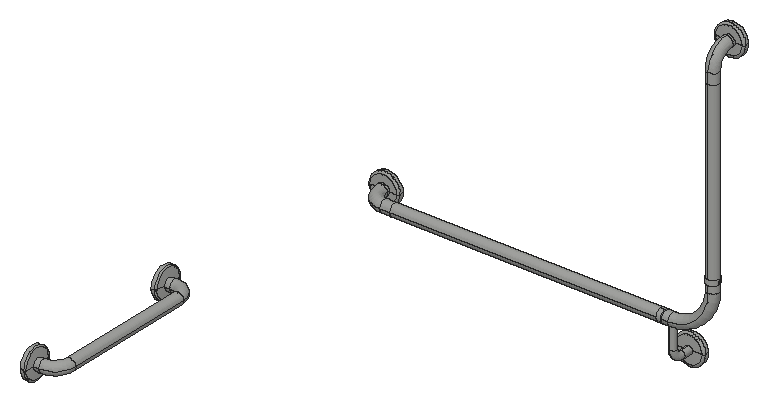
Revit family "RBA4806-345", category Plumbing Fixtures, Revit 2021
Family settings
  Round Connector Dimension = Use Diameter
  Part Type = Normal
  Work Plane-Based = No
  Always vertical = No
  Cut with Voids When Loaded = No
  Shared = No
  Room Calculation Point = No
Parameters
  Watermarked By = "www.rba.com.au"
  URL = "rba.com.au/product-category/accessible-disabled/grab-rails/"
  Phone Number = "1300 788 778"
  OFFSET = 800.00 mm
  Model = "RBA4806-345"
  Materials and Finishes = PVD Gunmetal Stainless Steel
  Manufacturer Model = ""
  Manufacturer = "RBA Group"
  Distance Away from Wall [instance] = 100.00 mm
  Distance Away from Toilet [instance] = 1090.00 mm
  Description = "LH Accessible Rail + 450mm Straight Kit | Gunmetal"
  Default Elevation = 0.00 mm
  Copyrighted by = "RBA Group"  # constant formula
  Assembly Code = ""
Reference planes
  plane 1 "Center (Front/Back)": y = 0
  plane 2: z = 0
  plane 3: x = 40.5
  plane 4: z = 800
  plane 5: z = 1500
  plane 6: x = -59.5
  plane 7: z = 700
  plane 8: x = -909.5
  plane 9: x = -1009.5
  plane 10: y = -54
  plane 11: y = -86
  plane 12: y = -1090
  plane 13: y = -1074
  plane 14: x = -954.5
  plane 15: x = -922.5
  plane 16: z = 816
  plane 17: x = 24.5
Dimensions and locks
  "OFFSET": plane 4 to plane 2
  plane 10 to plane 1 "Center (Front/Back)" = 54.00 mm
  plane 1 "Center (Front/Back)" to plane 11 = 86.00 mm
  "Distance Away from Wall": plane 9 to plane 8
  locked: plane 13 to plane 12 at 16
  "Distance Away from Toilet": plane 1 "Center (Front/Back)" to plane 12
Nested families
  nested 1: "RBA4806-901" at (-933, 0, 800), type "RBA4806-901"
  nested 2: "RBA4806-Straight-Series" at (-1009.5, -1074, 800) x (0, 1, 0) z (0, 0, 1), type "RBA4806-045"
Definition of nested family "RBA4806-901"
  Parameters (values of type "RBA4806-901")
    Watermarked By = "www.rba.com.au"
    URL = "www.rba.com.au"
    R_Void [instance] = 15.00 mm
    R [instance] = 0.00 mm
    Phone Number = ""
    Modified Issue = ""
    Model = "RBA4806-901"
    Materials and Finishes = none
    Manufacturer Model = "B819436"
    Manufacturer = "RBA Group"
    Description = "RTA Brushed Gunmetal Left Hand Single Wall 90° Rail"
    Default Elevation = 0.00 mm
    Copyrighted by = "RBA Group"  # constant formula
    Assembly Code = ""
  Reference planes
    plane 1 "Center (Front/Back)": y = 0
    plane 2: z = 0
    plane 3: x = 40.5
    plane 4: z = -30
    plane 5: z = 30
    plane 6: x = 70.5
    plane 7: x = 10.5
    plane 8: x = 990.5
    plane 9: x = 515.5
    plane 10: z = 670
    plane 11: z = 730
    plane 12: x = 960.5
    plane 13: x = 1020.5
    plane 14: z = 700
    plane 15: z = -130
    plane 16: z = -70
    plane 17: x = 910.5
    plane 18: x = 850.5
    plane 19: x = 835.5
    plane 20: z = -100
    plane 21: x = 974.5
    plane 22: z = 16
    plane 23: y = -70
    plane 24: y = -86
    plane 25: y = -54
    plane 26: y = -79.5
    plane 27: y = -60.5
  Forms (mm)
    Extrusion 1, solid, material <- "Materials and Finishes"
      sketch origin (40.5, -2.628, 315.907) x (0, 0, -1) y (-1, 0, 0)
        loop
          circle (315.907, 0) r 40
      from -0.219 to 2.628
    Revolve 2, solid, material <- "Materials and Finishes"
      sketch origin (40.5, 18.663, 0) x (0, -1, 0) y (1, 0, 0)
        loop
          line (18.663, 0) -> (18.663, -41.5) -> (27.844, -41.5)
          arc (27.844, -41.5) -> (31.337, -40.077) -> (32.842, -36.617) r 5
          line (32.842, -36.617) -> (33.701, 0) -> (18.663, 0)
        axis (18.663, 0) -> (33.701, 0)
      angle from 0 to 360
    Extrusion 3, void
      sketch origin (40.5, 34.941, 315.907) x (0, 0, -1) y (-1, 0, 0)
        loop
          circle (315.907, -30) r 5
        loop
          circle (315.907, 30) r 5
      from -37.788 to -30
    Sweep 4, solid, material <- "Materials and Finishes"
      path origin (40.5, 12.454, 0) x (0, -1, 0) y (-1, 0, 0)
        loop
          line (12.454, 0) -> (34.454, 0)
          arc (34.454, 0) -> (68.395, -14.059) -> (82.454, -48) r 48
          line (82.454, -48) -> (82.454, -76)
      profile origin (40.5, -11, 0) x (1, 0, 0) y (0, 0, 1)
        loop
          circle (0, 0) r 16
    Extrusion 5, solid, material <- "Materials and Finishes"
      sketch origin (990.5, -2.628, 1015.907) x (0, 0, -1) y (-1, 0, 0)
        loop
          circle (315.907, 0) r 40
      from -0.219 to 2.628
    Extrusion 6, void
      sketch origin (990.5, 34.941, 1015.907) x (0, 0, -1) y (-1, 0, 0)
        loop
          circle (315.907, 30) r 5
        loop
          circle (315.907, -30) r 5
      from -37.788 to -30
    Sweep 7, solid, material <- "Materials and Finishes"
      path origin (1690.5, 12.454, 700) x (0, -1, 0) y (0, 0, 1)
        loop
          line (12.454, 0) -> (34.454, 0)
          arc (34.454, 0) -> (68.395, -14.059) -> (82.454, -48) r 48
          line (82.454, -48) -> (82.454, -76)
      profile origin (1690.5, -11, 700) x (0, 0, 1) y (-1, 0, 0)
        loop
          circle (0, 700) r 16
    Revolve 8, solid, material <- "Materials and Finishes"
      sketch origin (990.5, 18.663, 700) x (0, -1, 0) y (1, 0, 0)
        loop
          line (18.663, 0) -> (33.701, 0) -> (32.842, 36.617)
          arc (32.842, 36.617) -> (31.337, 40.077) -> (27.844, 41.5) r 5
          line (27.844, 41.5) -> (18.663, 41.5) -> (18.663, 0)
        axis (18.663, 0) -> (33.701, 0)
      angle from 0 to 360
    Sweep 9, solid, material <- "Materials and Finishes"
      path origin (0, 0, 0) x (1, 0, 0) y (0, 0, 1)
        loop
          line (116.5, 0) -> (880.5, 0)
          arc (880.5, 0) -> (958.282, 32.218) -> (990.5, 110) r 110
          line (990.5, 110) -> (990.5, 624)
      profile origin (498.5, 0, 0) x (0, 0, 1) y (0, -1, 0)
        loop
          circle (0, 70) r 16
    Extrusion 10, solid, material <- "Materials and Finishes"
      sketch origin (880.5, -2.628, 215.907) x (0, 0, -1) y (-1, 0, 0)
        loop
          circle (315.907, 0) r 40
      from -0.219 to 2.628
    Revolve 11, solid, material <- "Materials and Finishes"
      sketch origin (880.5, 18.663, -100) x (0, -1, 0) y (1, 0, 0)
        loop
          line (18.663, 0) -> (18.663, -41.5) -> (27.844, -41.5)
          arc (27.844, -41.5) -> (31.337, -40.077) -> (32.842, -36.617) r 5
          line (32.842, -36.617) -> (33.701, 0) -> (18.663, 0)
        axis (18.663, 0) -> (33.701, 0)
      angle from 0 to 360
    Sweep 12, solid, material <- "Materials and Finishes"
      path origin (880.5, 12.454, -100) x (0, -1, 0) y (0, 0, -1)
        loop
          line (12.454, 0) -> (54.454, 0)
          arc (54.454, 0) -> (74.253, -8.201) -> (82.454, -28) r 28
          line (82.454, -28) -> (82.454, -100)
      profile origin (880.5, -21, -100) x (0, 0, -1) y (1, 0, 0)
        loop
          circle (0, 0) r 9.5
    Extrusion 13, void
      sketch origin (880.5, 34.941, 215.907) x (0, 0, -1) y (-1, 0, 0)
        loop
          circle (315.907, -30) r 5
        loop
          circle (315.907, 30) r 5
      from -37.788 to -30
    Extrusion 14, solid, material <- "Materials and Finishes"
      sketch origin (0, 0, 0) x (1, 0, 0) y (0, 1, 0)
        loop
          circle (990.5, -70) r 17
      from 142 to 130
    Extrusion 15, solid, material <- "Materials and Finishes"
      sketch origin (650.5, 0, 990.5) x (0, 0, -1) y (0, 1, 0)
        loop
          circle (990.5, -70) r 17
      from 210 to 198
  Cuts and joins
    Extrusion 3, Extrusion 6, Extrusion 13 cuts Extrusion 1
    Extrusion 3, Extrusion 6, Extrusion 13 cuts Revolve 2
    Extrusion 13 cuts Sweep 4
    Extrusion 6 cuts Revolve 8
    Extrusion 13 cuts Revolve 11
    joined: Revolve 2, Sweep 4, Sweep 7, Revolve 8, Sweep 9, Revolve 11, Sweep 12
    Extrusion 6 cuts Extrusion 5
    Extrusion 13 cuts Extrusion 10
  Dimensions and locks
    Revolve 2 sketch curve to Revolve 2 sketch curve = 41.50 mm
    plane 5 to level to plane 4 = 30.00 mm, 30.00 mm
    plane 7 to plane 6 = 60.00 mm
    plane 11 to plane 10 = 60.00 mm
    plane 12 to plane 13 = 60.00 mm
    Revolve 8 sketch curve to Revolve 8 sketch curve = 41.50 mm
    Revolve 11 sketch curve to Revolve 11 sketch curve = 41.50 mm
    plane 16 to plane 15 = 60.00 mm
    plane 18 to plane 17 = 60.00 mm
    level to plane 20 = 100.00 mm
    plane 14 to level = 700.00 mm
    plane 8 to plane 19 = 155.00 mm
    plane 8 to plane 3 = 950.00 mm
    radius of Extrusion 1 sketch curve = 40.00 mm
    radius of Sweep 4 sketch curve = 16.00 mm
    radius of Extrusion 5 sketch curve = 40.00 mm
    radius of Sweep 7 sketch curve = 16.00 mm
    radius of Extrusion 10 sketch curve = 40.00 mm
    radius of Sweep 12 sketch curve = 9.50 mm
    aligned and locked: Revolve 2 to Extrusion 1
    aligned and locked: Revolve 11 to Extrusion 10
Definition of nested family "RBA4806-Straight-Series"
  Parameters (values of type "RBA4806-045")
    Watermarked By = "www.rba.com.au"
    URL = "www.rba.com.au"
    Phone Number = ""
    OFFSET [instance] = 800.00 mm
    Modified Issue = "20191004.01"
    Model = "RBA4000-045"
    Materials & Finishes = none
    Manufacturer = "RBA Group"  # constant formula
    Lgth = 450.00 mm
    Diameter = 32.00 mm
    Description = "Straight Grab Rail 450mm"
    Default Elevation = 0.00 mm
    Copyright by = "RBA Group"  # constant formula
  Types (9, lengths in mm): name | URL | Phone Number | Modified Issue | Model | Lgth | Description
    RBA4806-030 | "www.rba.com.au" | "" | "20190510.1" | "RBA4000-030" | 300.00 | "Straight Grab Rail 300mm"
    RBA4806-045 | "www.rba.com.au" | "" | "20191004.01" | "RBA4000-045" | 450.00 | "Straight Grab Rail 450mm"
    RBA4806-060 | "www.rba.com.au" | "" | "" | "RBA4806-Straight-Series" | 600.00 | "RTA SSS Straight Grabrail"
    RBA4806-070 | "www.rba.com.au" | "" | "20191004.01" | "RBA4000-075" | 700.00 | "Straight Grab Rail 750mm"
    RBA4806-090 | "www.rba.com.au" | "" | "20191004.01" | "RBA4000-090" | 900.00 | "Straight Grab Rail 900mm"
    RBA4806-080 | "http://www.rba.com.au/accessible-disabled/grab-rails" | "1300 788 778" | "20191004.01" | "RBA4000-080" | 800.00 | "Straight Grab Rail 800mm"
    RBA4806-100 | "http://www.rba.com.au/accessible-disabled/grab-rails" | "1300 788 778" | "20191004.01" | "RBA4000-100" | 1000.00 | "Straight Grab Rail 1000mm"
    RBA4806-120 | "http://www.rba.com.au/accessible-disabled/grab-rails" | "1300 788 778" | "20191004.01" | "RBA4000-120" | 1200.00 | "Straight Grab Rail 1200mm"
    RBA4806-040 | "www.rba.com.au" | "" | "20191108.1" | "RBA4000-040" | 400.00 | "Straight Grab Rail 400mm"
  Reference planes
    plane 1 "Center (Front/Back)": y = 0
    plane 2: z = 0
    plane 3 "Center (Left/Right)": x = 0
    plane 4: x = 0
    plane 5: x = 0
    plane 6: y = -57
    plane 7: y = -89
    plane 8: x = 450
    plane 9: z = 16
    plane 10: z = -16
  Forms (mm)
    Sweep 1, solid, material <- "Materials & Finishes"
      path origin (-273.954, -750, 0) x (0, -1, 0) y (1, 0, 0)
        loop
          line (-740, 723.954) -> (-719, 723.954)
          arc (-719, 723.954) -> (-690.716, 712.239) -> (-679, 683.954) r 40
          line (-679, 683.954) -> (-679, 313.954)
          arc (-679, 313.954) -> (-690.716, 285.67) -> (-719, 273.954) r 40
          line (-719, 273.954) -> (-740, 273.954)
      profile origin (225, -71, 0) x (0, -1, 0) y (0, 0, 1)
        loop
          circle (0, 0) r 16
    Extrusion 2, solid, material <- "Materials & Finishes"
      sketch origin (62.5, -2.628, -315.907) x (0, 0, 1) y (1, 0, 0)
        loop
          circle (315.907, -62.5) r 40
      from -0.206 to 2.628
    Revolve 3, solid, material <- "Materials & Finishes"
      sketch origin (62.5, 18.663, 0) x (-1, 0, 0) y (0, -1, 0)
        loop
          line (62.5, 18.663) -> (104, 18.663) -> (104, 28.968)
          arc (104, 28.968) -> (103.207, 31.014) -> (101.243, 31.992) r 3.037
          arc (101.243, 31.992) -> (81.892, 33.334) -> (62.5, 33.781) r 420.249
          line (62.5, 33.781) -> (62.5, 18.663)
        axis (62.5, 18.663) -> (62.5, 33.781)
      angle from 0 to 360
    Extrusion 4, void
      sketch origin (62.704, 34.941, -270.785) x (-0.515038, 0, 0.857167) y (0.857167, 0, 0.515038)
        loop
          circle (248.952, 111.432) r 4.75
        loop
          circle (279.854, 60.002) r 4.75
      from -37.775 to -34.941
    Extrusion 5, solid, material <- "Materials & Finishes"
      sketch origin (237.5, -2.628, -315.907) x (0, 0, 1) y (1, 0, 0)
        loop
          circle (315.907, 212.5) r 40
      from -0.206 to 2.628
    Revolve 6, solid, material <- "Materials & Finishes"
      sketch origin (237.5, 18.663, 0) x (-1, 0, 0) y (0, -1, 0)
        loop
          line (-212.5, 18.663) -> (-212.5, 33.781)
          arc (-212.5, 33.781) -> (-231.892, 33.334) -> (-251.243, 31.992) r 420.249
          arc (-251.243, 31.992) -> (-253.207, 31.014) -> (-254, 28.968) r 3.037
          line (-254, 28.968) -> (-254, 18.663) -> (-212.5, 18.663)
        axis (-212.5, 18.663) -> (-212.5, 33.781)
      angle from 0 to 360
    Extrusion 7, void
      sketch origin (362.704, 34.941, -270.785) x (-0.515038, 0, 0.857167) y (0.857167, 0, 0.515038)
        loop
          circle (202.599, 188.577) r 4.75
        loop
          circle (171.696, 240.007) r 4.75
      from -37.775 to -34.941
  Cuts and joins
    Extrusion 7 cuts Sweep 1
    Extrusion 4, Extrusion 7 cuts Extrusion 2
    Extrusion 4, Extrusion 7 cuts Revolve 3
    Extrusion 7 cuts Extrusion 5
    Extrusion 7 cuts Revolve 6
    joined: Sweep 1, Extrusion 2, Revolve 3, Extrusion 5, Revolve 6
  Dimensions and locks
    "Lgth": plane 3 "Center (Left/Right)" to plane 8
    radius of Sweep 1 sketch curve = 16.00 mm
    aligned and locked: level to plane 2
    aligned and locked: Revolve 3 to Extrusion 2
    aligned and locked: Extrusion 2 to Extrusion 4
    aligned and locked: Revolve 6 to Extrusion 5
  Automatic sketch dimensions
    Sweep 1 sketch curve to plane 8 = 0.00 mm
    Sweep 1 sketch curve to plane 3 "Center (Left/Right)" = 0.00 mm
    plane 6 to Sweep 1 sketch curve = 26.00 mm  (x2)
    Sweep 1 sketch curve to plane 6 = 14.00 mm
    plane 1 "Center (Front/Back)" to Sweep 1 sketch curve = 10.00 mm  (x2)
    Sweep 1 sketch curve to profile plane = 0.00 mm  (x2)
    Extrusion 2 sketch curve to level = 0.00 mm
    Extrusion 2 sketch curve to plane 3 "Center (Left/Right)" = 0.00 mm
    plane 1 "Center (Front/Back)" to Revolve 3 sketch curve = 0.00 mm
    Revolve 3 sketch curve to plane 3 "Center (Left/Right)" = 0.00 mm  (x2)
    plane 1 "Center (Front/Back)" to Revolve 3 sketch curve = 10.305 mm
    Revolve 3 sketch curve to plane 3 "Center (Left/Right)" = 38.463 mm
    Revolve 3 sketch curve to Revolve 3 sketch curve = 3.037 mm
    Revolve 3 sketch curve to plane 1 "Center (Front/Back)" = 405.131 mm
    Revolve 3 sketch curve to Revolve 3 sketch curve = 15.118 mm
    Revolve 3 sketch curve to plane 1 "Center (Front/Back)" = 21.537 mm
    Revolve 3 sketch curve to Revolve 3 sketch curve = 0.00 mm
    plane 6 to Revolve 3 sketch curve = 13.537 mm
    Extrusion 5 sketch curve to level = 0.00 mm
    plane 8 to Extrusion 5 sketch curve = 0.00 mm
    plane 1 "Center (Front/Back)" to Revolve 6 sketch curve = 0.00 mm
    Revolve 6 sketch curve to plane 8 = 0.00 mm  (x2)
    plane 1 "Center (Front/Back)" to Revolve 6 sketch curve = 10.305 mm
    Revolve 6 sketch curve to plane 8 = 38.463 mm
    Revolve 6 sketch curve to Revolve 6 sketch curve = 3.037 mm
    Revolve 6 sketch curve to plane 1 "Center (Front/Back)" = 405.131 mm
    Revolve 6 sketch curve to Revolve 6 sketch curve = 15.118 mm
    Revolve 6 sketch curve to plane 1 "Center (Front/Back)" = 21.537 mm
    Revolve 6 sketch curve to Revolve 6 sketch curve = 0.00 mm
    plane 6 to Revolve 6 sketch curve = 13.537 mm
    Extrusion 7 sketch curve to level = 0.00 mm  (x2)
    Extrusion 7 sketch curve to plane 8 = 30.00 mm
    Extrusion 7 sketch curve to Extrusion 7 sketch curve = 30.902 mm
    Extrusion 4 sketch curve to level = 0.00 mm  (x2)
    plane 3 "Center (Left/Right)" to Extrusion 4 sketch curve = 30.00 mm
    Extrusion 4 sketch curve to Extrusion 4 sketch curve = 30.902 mm
    radius of Extrusion 2 sketch curve = 40.00 mm
    radius of Extrusion 5 sketch curve = 40.00 mm
    radius of Extrusion 7 sketch curve = 4.75 mm  (x2)
    radius of Extrusion 4 sketch curve = 4.75 mm  (x2)
